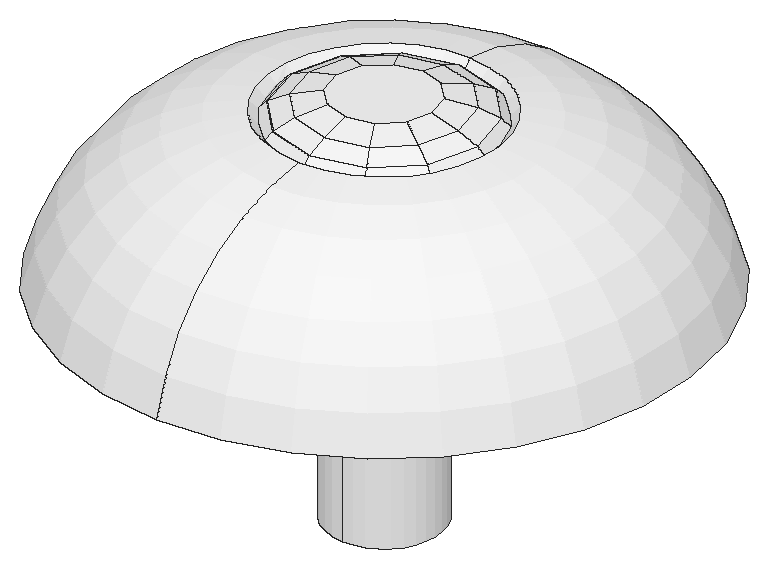
Revit family "1404a_omni_bp_ir", category Communication Devices, host Face, Revit 2021
Family settings
  Host = Face
  Maintain Annotation Orientation = No
  Round Connector Dimension = Use Diameter
  Part Type = Normal
  OmniClass Number = 23.85.80.11.27
  OmniClass Title = Lighting Controls
  Cut with Voids When Loaded = No
  Shared = Yes
  Room Calculation Point = No
Parameters
  Width = 4.50"
  Warranty = "5-Years Warranty"  # constant formula
  Type Comments = "CEILING MOUNT OCCUPANCY SENSORS"  # constant formula
  Product Page URL = ""
  Product Documentation Link = ""
  URL = "https://www.currentlighting.com/nxlightingcontrols"
  Model = "OMNI®-BPLine Voltage Dual Technology Acoustic and Passive Infrared"  # constant formula
  Manufacturer = " NX Lighting Controls"  # constant formula
  Sensing Element = Paint -  Matte White
  Features = "IntelliDAPT self-adaptive technology—no manual adjustment required \r\nAll-digital dual technology (acoustic and passive infrared [PIR]) sensor \r\nNon-volatile memory for sensor settings \r\n450 square-foot coverage \r\nSelf-contained power supply\r\nUniversal voltage (120-277VAC; 50/60 Hz) \r\nUL and cUL listed \r\nCalifornia Title 24 compliant \r\nFive-year warranty \r\n120-277 Vac\r\n"  # constant formula
  Description = "The OMNIDIABP line voltage ceiling sensor combines passive infrared (PIR) and\r\nacoustic (sound-activated) technologies to turn lighting systems on and off based\r\non occupancy. The OMNIDIABP features Controls' patented IntelliDAPT®\r\ntechnology, which makes all the sensor adjustments automatically. "  # constant formula
  Default Elevation = 48.00"
  Coverage = "450 square foot"  # constant formula
  Copyright = "Copyright ©  NX Lighting Controls"  # constant formula
  Contact Us = ""
  Housing Material = Paint -  Matte White
  Certifications = "UL and cUL listed"
  Assembly Code = "D5090"
Reference planes (in)
  plane 1 "Center (Front/Back)": y = 10.63342
  plane 2: z = 0
  plane 3 "Center (Left/Right)": x = 0
  plane 4: x = -2.25
  plane 5: x = 2.25
  plane 6: y = 12.88342
  plane 7: y = 8.38342
  plane 8: z = 1.21
  plane 9: through (0.87749, -180, 1.95871) normal (0.7071, 0, 0.7071)
  plane 10: z = 1.5
Forms (in)
  Revolve 1, solid, material "Paint -  Matte White" <- "Housing Material"
    sketch origin (0, 10.63342, 0) x (0, 1, 0) y (0, 0, 1)
      loop
        line (0, 0) -> (2.25, 0)
        arc (2.25, 0) -> (1.74597, 0.83372) -> (0.84555, 1.20571) r 1.55971
        line (0.84555, 1.20571) -> (0.73563, 1.09579) -> (0, 1.09579) -> (0, 0)
      axis (0, 1.20571) -> (0, 0)
    angle from 0 to 360
  Extrusion 2, solid, material "Paint -  Matte White" <- "Housing Material"
    sketch origin (10.63342, 10.63342, 0) x (0, 1, 0) y (-1, 0, 0)
      loop
        circle (0, 10.63342) r 0.40974
    from -1.67 to 0
  Blend 3, solid, material "Paint -  Matte White" <- "Housing Material"
    base sketch origin (0, 0, 0) x (1, 0, 0) y (0, 1, 0)
      loop
        line (0, 11.47897) -> (-0.42278, 11.36569) -> (-0.73227, 11.05619) -> (-0.84555, 10.63342) -> (-0.73227, 10.21064) -> (-0.42278, 9.90115) -> (0, 9.78787) -> (0.42278, 9.90115) -> (0.73227, 10.21064) -> (0.84555, 10.63342) -> (0.73227, 11.05619) -> (0.42278, 11.36569) -> (0, 11.47897)
    top sketch origin (0, 0, 0) x (1, 0, 0) y (0, 1, 0)
      loop
        line (0, 11.36905) -> (-0.36781, 11.27049) -> (-0.63707, 11.00123) -> (-0.73563, 10.63342) -> (-0.63707, 10.26561) -> (-0.36781, 9.99635) -> (0, 9.89779) -> (0.36781, 9.99635) -> (0.63707, 10.26561) -> (0.73563, 10.63342) -> (0.63707, 11.00123) -> (0.36781, 11.27049) -> (0, 11.36905)
    from 1.09579 to 1.20571
  Blend 4, solid, material "Paint -  Matte White" <- "Sensing Element"
    base sketch origin (0, 0, 0) x (1, 0, 0) y (0, 1, 0)
      loop
        line (0, 11.36905) -> (-0.36781, 11.27049) -> (-0.63707, 11.00123) -> (-0.73563, 10.63342) -> (-0.63707, 10.26561) -> (-0.36781, 9.99635) -> (0, 9.89779) -> (0.36781, 9.99635) -> (0.63707, 10.26561) -> (0.73563, 10.63342) -> (0.63707, 11.00123) -> (0.36781, 11.27049) -> (0, 11.36905)
    top sketch origin (0, 0, 0) x (1, 0, 0) y (0, 1, 0)
      loop
        line (0, 11.22465) -> (-0.29562, 11.14544) -> (-0.51202, 10.92904) -> (-0.59124, 10.63342) -> (-0.51202, 10.3378) -> (-0.29562, 10.12139) -> (0, 10.04218) -> (0.29562, 10.12139) -> (0.51202, 10.3378) -> (0.59124, 10.63342) -> (0.51202, 10.92904) -> (0.29562, 11.14544) -> (0, 11.22465)
    from 1.20571 to 1.27
  Blend 5, solid, material "Paint -  Matte White" <- "Sensing Element"
    base sketch origin (0, 0, 0) x (1, 0, 0) y (0, 1, 0)
      loop
        line (0, 11.22465) -> (-0.29562, 11.14544) -> (-0.51202, 10.92904) -> (-0.59124, 10.63342) -> (-0.51202, 10.3378) -> (-0.29562, 10.12139) -> (0, 10.04218) -> (0.29562, 10.12139) -> (0.51202, 10.3378) -> (0.59124, 10.63342) -> (0.51202, 10.92904) -> (0.29562, 11.14544) -> (0, 11.22465)
    top sketch origin (0, 0, 0) x (1, 0, 0) y (0, 1, 0)
      loop
        line (0, 11.00934) -> (-0.18796, 10.95897) -> (-0.32556, 10.82138) -> (-0.37592, 10.63342) -> (-0.32556, 10.44546) -> (-0.18796, 10.30786) -> (0, 10.2575) -> (0.18796, 10.30786) -> (0.32556, 10.44546) -> (0.37592, 10.63342) -> (0.32556, 10.82138) -> (0.18796, 10.95897) -> (0, 11.00934)
    from 1.27 to 1.32
Cuts and joins
  joined: Revolve 1, Extrusion 2, Blend 3
  joined: Blend 4, Blend 5
Dimensions and locks (in)
  "Width": plane 4 to plane 5
  "Width": plane 7 to plane 6
  equal spacing: plane 4, plane 3 "Center (Left/Right)", plane 5
  equal spacing: plane 7, plane 1 "Center (Front/Back)", plane 6
  plane 8 to plane 2 = 1.21"
  plane 10 to plane 2 = 1.50"
  aligned and locked: plane 2 to host face
  aligned and locked: level to host face
Automatic sketch dimensions
  host sketch curve to host sketch curve = 96.00"  (x2)
  Revolve 1 sketch curve to plane 1 "Center (Front/Back)" = 0.00"  (x2)
  Revolve 1 sketch curve to level = 0.00"
  Revolve 1 sketch curve to plane 6 = 0.00"
  Revolve 1 sketch curve to level = 0.34971"
  Revolve 1 sketch curve to plane 1 "Center (Front/Back)" = 0.73"
  plane 8 to Revolve 1 sketch curve = 0.11421"
  Revolve 1 sketch curve to plane 1 "Center (Front/Back)" = 0.73563"
  plane 8 to Revolve 1 sketch curve = 0.00429"
  Revolve 1 sketch curve to Revolve 1 sketch curve = 23.65029"
  Revolve 1 sketch curve to plane 10 = 54.02668"
  plane 1 "Center (Front/Back)" to Extrusion 2 sketch curve = 0.00"
  Extrusion 2 sketch curve to plane 3 "Center (Left/Right)" = 0.00"
  plane 1 "Center (Front/Back)" to Blend 3 sketch curve = 0.00"  (x2)
  Blend 3 sketch curve to plane 3 "Center (Left/Right)" = 0.00"  (x2)
  Blend 3 sketch curve to plane 3 "Center (Left/Right)" = 0.36781"  (x2)
  Blend 3 sketch curve to Blend 3 sketch curve = 0.26926"  (x8)
  Blend 3 sketch curve to Blend 3 sketch curve = 0.09856"  (x4)
  plane 3 "Center (Left/Right)" to Blend 3 sketch curve = 0.36781"  (x2)
  plane 1 "Center (Front/Back)" to Blend 3 sketch curve = 0.36781"  (x2)
  Blend 3 sketch curve to plane 1 "Center (Front/Back)" = 0.36781"  (x2)
  radius of Extrusion 2 sketch curve = 0.40974"
Connectors (in)
  electrical at (0, 10.63342, 0)
    settings: on cut or joined group of Revolve 1, Extrusion 2, Blend 3, index 1, voltage 0 V, apparent load 0 VA, apparent load phase1 0 VA, apparent load phase2 0 VA, apparent load phase3 0 VA, power factor 1, load classification "Other", number of poles 1, system type 14, power factor state 1, is connector primary yes, connector utility no, sub classification motor no, connector description "Occupancy Sensor"
